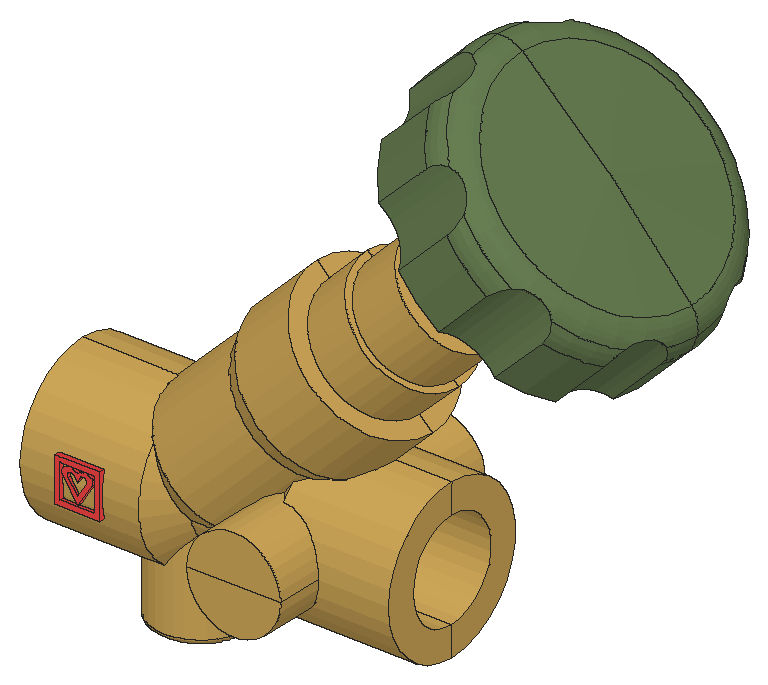
Revit family "Запорный клапан со встроенным обратным клапаном 4126", category Rohrzubehör, Revit 2019
Family settings
  Bemaßung runder Anschluss = Durchmesser verwenden
  Teiletyp = Unterbricht
  OmniClass-Nummer = 23.65.55.14
  OmniClass-Titel = Valves for Liquid Services
  Arbeitsebenenbasiert = Nein
  Immer vertikal = Ja
  Beim Laden mit Abzugskörper schneiden = Nein
  Gemeinsam genutzt = Nein
Parameters
  Шпиндель = "штампованная латунь, CW617N"  # constant formula
  Среда = "питьевая вода"  # constant formula
  Примечание = "В соответствии со статьей 33 Регламента REACH (Registration; Evaluation; Authorisation; Restriction of Chemicals) (EC № 1907/2006) мы обязаны указать, что свинец внесен в список SVHC (Substances of Very High Concern - вещества очень высокой важности) и весовой процент свинца во всех латунных компонентах заводского изготовления в наших изделиях, превышает 0,1 % (w/w) (CAS: 7439-92-1 / EINECS: 231-100-4).\r\nПоскольку свинец является легирующим компонентом сплава, прямое негативное влияние исключается, и поэтому дополнительной информации о безопасном использовании не требуется."
  Область применения = "Для перекрытия трубопроводов системы питьевого водоснабжения и циркуляционных систем в зданиях."
  Номер заказа [instance] = size_lookup("4126_", "Artnr", 0, Nennweite)  # 2412602
  Маховик = "пластик, цвет - зеленый"  # constant formula
  Макс. рабочее давление = 1600000.0 Pa  # constant formula
  Макс. рабочая температура = 80 °C  # constant formula
  Корпус = "литая латунь, устойчивая к селективной цинковой коррозии, CC770S"  # constant formula
  Давление открытия обратного клапана = "согласно DIN EN 13959"  # constant formula
  W01 = 45.00°  # constant formula
  URL = "www.herz-armaturen.ru"
  SW01 = 60.00°  # constant formula
  SC_NennweiteBerechnet = 0
  SC_Dimension = ""
  SCTWSEQ = "FW;SBT_TYP_FW=\"109\";2"
  SCTWCODE = "04;00;02"  # constant formula
  S03 = 60.000 mm  # constant formula
  S02 [instance] = L06 + L09 + L12 + L15  # 95.900 mm
  S01 [instance] = R01 * 2  # 32.000 mm
  R12 [instance] = R01 - 1.000 mm  # 15.000 mm
  R11 [instance] = size_lookup("4126_", "R11", 46.500 mm, Nennweite)  # 5.400 mm
  R100 = 1.000 mm  # constant formula
  R10 [instance] = size_lookup("4126_", "R10", 46.500 mm, Nennweite)  # 8.500 mm
  R09 [instance] = size_lookup("4126_", "R9", 46.500 mm, Nennweite)  # 11.750 mm
  R08 [instance] = size_lookup("4126_", "R8", 46.500 mm, Nennweite)  # 13.000 mm
  R07 [instance] = size_lookup("4126_", "R7", 46.500 mm, Nennweite)  # 16.500 mm
  R06 [instance] = size_lookup("4126_", "R6", 43.000 mm, Nennweite)  # 14.600 mm
  R05 [instance] = Nennweite / 2  # 10.000 mm
  R04 [instance] = size_lookup("4126_", "R4", 11.500 mm, Nennweite)  # 9.500 mm
  R03 = 9.500 mm  # constant formula
  R02 [instance] = Nennweite / 2  # 10.000 mm
  R01 [instance] = size_lookup("4126_", "R1", 11.500 mm, Nennweite)  # 16.000 mm
  Nennweite [instance] = 20.000 mm
  Макс. перепад давления на закрытом седле = 1000000.0 Pa  # constant formula
  L16 [instance] = L01 / 2  # 12.000 mm
  L15 [instance] = size_lookup("4126_", "L15", 12.400 mm, Nennweite)  # 12.400 mm
  L14 [instance] = size_lookup("4126_", "L14", 81.000 mm, Nennweite)  # 8.000 mm
  L12 [instance] = size_lookup("4126_", "L12", 81.000 mm, Nennweite)  # 33.500 mm
  L11 [instance] = size_lookup("4126_", "L11", 60.000 mm, Nennweite)  # 12.500 mm
  L10 [instance] = size_lookup("4126_", "L10", 20.000 mm, Nennweite)  # 11.000 mm
  L09 [instance] = size_lookup("4126_", "L9", 11.000 mm, Nennweite)  # 15.500 mm
  L08 [instance] = size_lookup("4126_", "L8", 35.000 mm, Nennweite)  # 30.100 mm
  L07 [instance] = size_lookup("4126_", "L7", 35.000 mm, Nennweite)  # 13.500 mm
  L06 [instance] = size_lookup("4126_", "L6", 118.000 mm, Nennweite) - L09  # 34.500 mm
  L05 [instance] = size_lookup("4126_", "L5", 44.000 mm, Nennweite)  # 26.500 mm
  L04 [instance] = size_lookup("4126_", "L4", 45.000 mm, Nennweite)  # 25.500 mm
  L03 = 15.000 mm  # constant formula
  L02 [instance] = size_lookup("4126_", "L2", 22.000 mm, Nennweite)  # 8.000 mm
  L01 [instance] = size_lookup("4126_", "L1", 48.000 mm, Nennweite)  # 24.000 mm
  L00 [instance] = size_lookup("4126_", "L", 180.000 mm, Nennweite)  # 75.000 mm
  Конус = "штампованная латунь, CW617N"  # constant formula
  Hersteller = "HERZ Armaturen Ges.m.b.H."  # constant formula
  H01 [instance] = size_lookup("4126_", "H1", 53.000 mm, Nennweite)  # 26.400 mm
  Незапланированные повышения температуры = "до  95 °C, продолжительностью не более 1 часа"  # constant formula
  DN50 [instance] = Nennweite = 50.000 mm  # no
  DN40 [instance] = Nennweite = 40.000 mm  # no
  DN32 [instance] = Nennweite = 32.000 mm  # no
  DN25-DN50 [instance] = or(Nennweite = 25.000 mm, Nennweite = 32.000 mm, Nennweite = 40.000 mm, Nennweite = 50.000 mm)  # no
  DN25 [instance] = Nennweite = 25.000 mm  # no
  DN20 [instance] = Nennweite = 20.000 mm  # yes
  DN15 [instance] = Nennweite = 15.000 mm  # no
Reference planes
  plane 1 "Mitte (Vorne/hinten)": y = 0
  plane 2: z = 0
  plane 3 "Mitte (Links/rechts)": x = 0
Forms (mm)
  Revolve 1, solid, material "Messing, weicher Gelbton, geschweißt", detail levels fine
    sketch origin (470, 0, 0) x (1, 0, 0) y (0, 0, 1)
      loop
        line (-507.5, 10) -> (-492.5, 10) -> (-492.5, 0) -> (-447.5, 0) -> (-447.5, 10) -> (-432.5, 10) -> (-432.5, 16) -> (-456.5, 16) -> (-462, 10) -> (-478, 10) -> (-483.5, 16) -> (-507.5, 16) -> (-507.5, 10)
      axis (-507.5, 0) -> (-432.5, 0)
    angle from 0 to 360
  Revolve 2, solid, material "Messing, weicher Gelbton, geschweißt", detail levels fine
    sketch origin (470, 0, 0) x (1, 0, 0) y (0, 0, 1)
      loop
        line (-493, 0) -> (-493, -25.4)
        arc (-493, -25.4) -> (-492.707, -26.107) -> (-492, -26.4) r 1
        line (-492, -26.4) -> (-483.5, -26.4) -> (-483.5, 0) -> (-493, 0)
      axis (-483.5, 0) -> (-483.5, -26.4)
    angle from 0 to 360
  Revolve 3, solid, material "Messing, weicher Gelbton, geschweißt", detail levels fine
    sketch origin (0, 0, 0) x (1, 0, 0) y (0, 1, 0)
      loop
        line (13.5, -25.5) -> (23, -25.5) -> (23, 26.5) -> (13.5, 26.5) -> (13.5, -25.5)
      axis (13.5, -25.5) -> (13.5, 26.5)
    angle from 0 to 360
  Revolve 4, solid, material "Messing, weicher Gelbton, geschweißt", visible <- "DN25-DN50", detail levels fine
    sketch origin (-470, 0, 0) x (-1, 0, 0) y (0, 0, 1)
      loop
        line (-493, 0) -> (-493, -25.4)
        arc (-493, -25.4) -> (-492.707, -26.107) -> (-492, -26.4) r 1
        line (-492, -26.4) -> (-483.5, -26.4) -> (-483.5, 0) -> (-493, 0)
      axis (-483.5, 0) -> (-483.5, -26.4)
    angle from 0 to 360
  Revolve 5, solid, material "Messing, weicher Gelbton, geschweißt", detail levels fine
    sketch origin (0.32, 0, -0.105) x (1, 0, 0) y (0, 0, 1)
      loop
        line (-13.82, 0) -> (53.991, 67.812) -> (50.173, 71.63) -> (41.405, 62.862) -> (39.213, 65.054) -> (32.142, 57.983) -> (29.844, 60.281) -> (21.005, 51.442) -> (20.121, 52.326) -> (12.343, 44.548) -> (9.868, 47.023) -> (-1.092, 36.062) -> (-2.86, 31.608) -> (-18.487, 15.981) -> (-20.891, 7.071) -> (-13.82, 0)
      axis (-13.82, 0) -> (53.991, 67.812)
    angle from 0 to 360
Lines and regions (mm)
  model lines, detail levels coarse+medium
    curve 1: line (-37.5, 0, 16) -> (-37.5, 0, -16)
    curve 2: line (-37.5, 0, -16) -> (37.5, 0, 16)
    curve 3: line (37.5, 0, 16) -> (37.5, 0, -16)
    curve 4: line (37.5, 0, -16) -> (-37.5, 0, 16)
    curve 5: line (0, 0, 0) -> (47.95, 0, 83.052)
    curve 6: line (21.969, 0, 98.052) -> (73.931, 0, 68.052)
    curve 7: line (-37.5, -16, 0) -> (-37.5, 16, 0)
    curve 8: line (-37.5, 16, 0) -> (37.5, -16, 0)
    curve 9: line (37.5, -16, 0) -> (37.5, 16, 0)
    curve 10: line (37.5, 16, 0) -> (-37.5, -16, 0)
    curve 11: line (0, 0, 0) -> (47.95, 83.052, 0)
    curve 12: line (21.969, 98.052, 0) -> (73.931, 68.052, 0)
Dimensions and locks
  "H01": plane 2 to Revolve 2 sketch curve
  "L00": Revolve 1 sketch curve to Revolve 1 sketch curve
  equal spacing: Revolve 1 sketch curve, plane 3 "Mitte (Links/rechts)", Revolve 1 sketch curve
  "R01": Revolve 1 sketch curve to Revolve 1 sketch curve  (x2)
  "R02": Revolve 1 sketch curve to Revolve 1 sketch curve  (x3)
  "L01": Revolve 1 sketch curve to Revolve 1 sketch curve  (x2)
  "L02": plane 3 "Mitte (Links/rechts)" to Revolve 1 sketch curve
  "L02": Revolve 1 sketch curve to plane 3 "Mitte (Links/rechts)"
  "L03": Revolve 1 sketch curve to Revolve 1 sketch curve  (x2)
  "L01": Revolve 1 to Revolve 2 sketch curve
  "R03": Revolve 2 sketch curve to Revolve 2 sketch curve
  "L01": Revolve 4 sketch curve to Revolve 1
  "R03": Revolve 4 sketch curve to Revolve 4 sketch curve
  "H01": plane 2 to Revolve 4 sketch curve
  "L04": Revolve 3 sketch curve to plane 1 "Mitte (Vorne/hinten)"
  "L05": plane 1 "Mitte (Vorne/hinten)" to Revolve 3 sketch curve
  "R04": Revolve 3 sketch curve to Revolve 3 sketch curve
  "L01": Revolve 3 sketch curve to Revolve 1
  "R07": Revolve 5 sketch curve to Revolve 5 sketch curve
  "L07": plane 3 "Mitte (Links/rechts)" to Revolve 5 sketch curve
  "R05": Revolve 5 sketch curve to Revolve 5 sketch curve
  "L06": Revolve 5 sketch curve to Revolve 5 sketch curve
  "L08": Revolve 5 sketch curve to Revolve 5 sketch curve
  "R06": Revolve 5 sketch curve to Revolve 5 sketch curve
  "L14": Revolve 5 sketch curve to Revolve 5 sketch curve
  "L09": Revolve 5 sketch curve to Revolve 5 sketch curve
  "R08": Revolve 5 sketch curve to Revolve 5 sketch curve
  "L10": Revolve 5 sketch curve to Revolve 5 sketch curve
  "R09": Revolve 5 sketch curve to Revolve 5 sketch curve
  "R10": Revolve 5 sketch curve to Revolve 5 sketch curve
  "L12": Revolve 5 sketch curve to Revolve 5 sketch curve
  "R11": Revolve 5 sketch curve to Revolve 5 sketch curve
  "L15": Revolve 5 sketch curve to Revolve 5 sketch curve
  "L11": Revolve 5 sketch curve to Revolve 5 sketch curve
  "R12": nested 7 to plane 1 "Mitte (Vorne/hinten)"
  "L16": Revolve 1 to nested 7
  "L00": curve 1 to curve 3
  "S01": curve 4 to curve 2
  "S01": curve 3 to curve 4
  equal spacing: curve 4, plane 2, curve 2
  equal spacing: curve 3, plane 2, curve 4
  "S02": curve 5 to curve 5
  equal spacing: curve 6, curve 5, curve 6
  "S03": curve 6 to curve 6
  "L00": curve 7 to curve 9
  "S01": curve 10 to curve 8
  curve 9 to curve 10 = 32.000 mm
  equal spacing: curve 12, curve 11, curve 12
  "S03": curve 12 to curve 12
  "S02": curve 11 to curve 11
  equal spacing: curve 10, plane 1 "Mitte (Vorne/hinten)", curve 8
  equal spacing: curve 9, plane 1 "Mitte (Vorne/hinten)", curve 10
  equal spacing: curve 7, plane 3 "Mitte (Links/rechts)", curve 9
  equal spacing: Revolve 1, curve 5, Revolve 1
  equal spacing: curve 7, curve 11, Revolve 1
  equal spacing: curve 1, plane 3 "Mitte (Links/rechts)", curve 3
  "R100": radius of Revolve 2 sketch curve
  "R100": radius of Revolve 4 sketch curve
  "W01": angle plane 2 to Revolve 5 sketch curve
  "W01": angle level to Revolve 5 sketch curve
  "SW01": angle plane 2 to curve 5
  "SW01": angle plane 1 "Mitte (Vorne/hinten)" to curve 11
  aligned and locked: level to plane 2
Automatic sketch dimensions
  curve 5 to level = 0.000 mm
  plane 1 "Mitte (Vorne/hinten)" to curve 11 = 0.000 mm
  Revolve 1 sketch curve to level = 0.000 mm  (x2)
  Revolve 1 sketch curve to Revolve 1 sketch curve = 791.990 mm
  Revolve 1 sketch curve to Revolve 1 sketch curve = 2278.983 mm
  Revolve 2 sketch curve to level = 0.000 mm  (x2)
  Revolve 2 sketch curve to Revolve 2 sketch curve = 0.000 mm
  Revolve 2 sketch curve to Revolve 2 sketch curve = 0.292 mm
  Revolve 3 sketch curve to Revolve 3 sketch curve = 0.000 mm  (x3)
  Revolve 4 sketch curve to level = 0.000 mm  (x2)
  Revolve 4 sketch curve to Revolve 4 sketch curve = 0.000 mm
  Revolve 4 sketch curve to Revolve 4 sketch curve = 0.292 mm
  Revolve 5 sketch curve to level = 0.105 mm
  Revolve 5 sketch curve to Revolve 5 sketch curve = 0.000 mm  (x2)
Nested families
  nested 1: "Strömax-Handrad_Schrägsitz (Grün)" at (42.584, 0, 54.979), visible <- "DN15", type "Strömax-Handrad_Schrägsitz (Grün)", detail levels fine
    with Nennweite 0.000 mm, Gewicht 0.00 kg, Bestellnummer 0
  nested 2: "Strömax-Handrad_Schrägsitz (Grün)" at (54.312, 0, 67.707), visible <- "DN20", type "Strömax-Handrad_Schrägsitz (Grün)", detail levels fine
    with Nennweite 0.000 mm, Gewicht 0.00 kg, Bestellnummer 0
  nested 3: "Strömax-Handrad_Schrägsitz (Grün)" at (62.469, 0, 80.364), visible <- "DN25", type "Strömax-Handrad_Schrägsitz (Grün)", detail levels fine
    with Nennweite 0.000 mm, Gewicht 0.00 kg, Bestellnummer 0
  nested 4: "Strömax-Handrad_Schrägsitz (Grün)" at (71.712, 0, 91.607), visible <- "DN32", type "Strömax-Handrad_Schrägsitz (Grün)", detail levels fine
    with Nennweite 0.000 mm, Gewicht 0.00 kg, Bestellnummer 0
  nested 5: "Strömax-Handrad_Schrägsitz (Grün)" at (80.399, 0, 101.294), visible <- "DN40", type "Strömax-Handrad_Schrägsitz (Grün)", detail levels fine
    with Nennweite 0.000 mm, Gewicht 0.00 kg, Bestellnummer 0
  nested 6: "Strömax-Handrad_Schrägsitz (Grün)" at (97.83, 0, 129.225), visible <- "DN50", type "Strömax-Handrad_Schrägsitz (Grün)", detail levels fine
    with Nennweite 0.000 mm, Gewicht 0.00 kg, Bestellnummer 0
  nested 7: "Herz-Logo-vorne" at (-25.5, -15.732, 0) x (0, 1, 0) z (0, 0, 1), type "Herz-Logo-vorne", detail levels fine
Connectors
  piping at (-22.5, 0, 0), diameter 20, driven by "Nennweite"
    settings: on Revolve 1, index 1, connector inside diameter 609.6 mm, connector length 0.000 mm, flow factor 0, pipe flow 0.0 L/s, pressure drop 0.0 Pa, fitting loss kfactor 0, connector angle 0.00°, fixture units 0, engagement length 0.000 mm, angle of deflection 0.00°, flow configuration 0, flow direction 1, fitting loss method 0, system type 29, joint type 0, gender type 0, connector reference index -1, connector utility 0, adjustable connector no, is connector primary yes, connector description ""
  piping at (22.5, 0, 0), diameter 20, driven by "Nennweite"
    settings: on Revolve 1, index 2, connector inside diameter 609.6 mm, connector length 0.000 mm, flow factor 0, pipe flow 0.0 L/s, pressure drop 0.0 Pa, fitting loss kfactor 0, connector angle 0.00°, fixture units 0, engagement length 0.000 mm, angle of deflection 0.00°, flow configuration 0, flow direction 2, fitting loss method 0, system type 29, joint type 0, gender type 0, connector reference index -1, connector utility 0, adjustable connector no, is connector primary no, connector description ""
Definition of nested family "Strömax-Handrad_Schrägsitz (Grün)"
  Parameters (values of type "Strömax-Handrad_Schrägsitz (Grün)")
    URL = "www.herz-armaturen.at"
    Nennweite [instance] = 0.000 mm
    Manufacturer = "Herz Armaturen GmbH"  # constant formula
    Gewicht [instance] = 0.00 kg
    Bestellnummer [instance] = 0
  Reference planes
    plane 1 "Mitte (Vorne/hinten)": y = 0
    plane 2: z = 0
    plane 3 "Mitte (Links/rechts)": x = 0
  Forms (mm)
    Revolve 1, solid
      sketch origin (0, 0, 0) x (0.707107, 0, -0.707107) y (0.707107, 0, 0.707107)
        loop
          line (0, 0) -> (0, 22)
          arc (0, 22) -> (-12.15, 21.705) -> (-24.271, 20.819) r 250
          arc (-24.271, 20.819) -> (-26.831, 19.959) -> (-28.754, 18.063) r 6
          arc (-28.754, 18.063) -> (-29.682, 16.008) -> (-30, 13.776) r 8
          line (-30, 13.776) -> (-30, 0) -> (0, 0)
        axis (0, 22) -> (0, 0)
      angle from 0 to 360
    Extrusion 2, void
      sketch origin (0, 0, 0) x (0.707107, 0, -0.707107) y (0, 1, 0)
        loop
          circle (14.351, -34.645) r 10
      from 0 to 22
    Extrusion 3, void
      sketch origin (0, 0, 0) x (-0.707107, 0, 0.707107) y (0, -1, 0)
        loop
          circle (14.351, 34.645) r 10
      from 0 to 22
    Extrusion 4, void
      sketch origin (0, 0, 0) x (0, -1, 0) y (0.707107, 0, -0.707107)
        loop
          circle (14.351, 34.645) r 10
      from 0 to 22
    Extrusion 5, void
      sketch origin (0, 0, 0) x (0, 1, 0) y (-0.707107, 0, 0.707107)
        loop
          circle (14.351, -34.645) r 10
      from 0 to 22
    Extrusion 6, void
      sketch origin (0, 0, 0) x (0, -1, 0) y (0.707107, 0, -0.707107)
        loop
          circle (14.351, -34.645) r 10
      from 0 to 22
    Extrusion 7, void
      sketch origin (0, 0, 0) x (0, 1, 0) y (-0.707107, 0, 0.707107)
        loop
          circle (14.351, 34.645) r 10
      from 0 to 22
    Extrusion 8, void
      sketch origin (0, 0, 0) x (0.707107, 0, -0.707107) y (0, 1, 0)
        loop
          circle (14.351, 34.645) r 10
      from 0 to 22
    Extrusion 9, void
      sketch origin (0, 0, 0) x (-0.707107, 0, 0.707107) y (0, -1, 0)
        loop
          circle (14.351, -34.645) r 10
      from 0 to 22
  Cuts and joins
    Extrusion 2, Extrusion 3, Extrusion 4, Extrusion 5, Extrusion 6, Extrusion 7, Extrusion 8, Extrusion 9 cuts Revolve 1
  Dimensions and locks
    aligned and locked: level to plane 2
Definition of nested family "Herz-Logo-vorne"
  Reference planes
    plane 1 "Mitte (Vorne/hinten)": y = 0
    plane 2: z = 0
    plane 3 "Mitte (Links/rechts)": x = 0
  Forms (mm)
    Extrusion 1, solid
      sketch origin (0.732, -0.018, 0.017) x (0, -1, 0) y (0, 0, 1)
        loop
          line (-0.018, -4.517) -> (4.482, -4.517) -> (4.482, 4.483) -> (-4.518, 4.483) -> (-4.518, -4.517) -> (-0.018, -4.517)
        loop
          line (-0.05, -3.48) -> (3.482, -3.48) -> (3.482, 3.483) -> (-3.518, 3.483) -> (-3.518, -3.48) -> (-0.05, -3.48)
        loop
          arc (-0.018, 2.383) -> (-1.543, 3.287) -> (-3.067, 2.383) r 1.738
          arc (-3.067, 2.383) -> (-3.191, 1.899) -> (-3.067, 1.415) r 1.009
          line (-3.067, 1.415) -> (-0.018, -3.281) -> (3.032, 1.415)
          arc (3.032, 1.415) -> (3.156, 1.899) -> (3.032, 2.383) r 1.009
          arc (3.032, 2.383) -> (1.507, 3.287) -> (-0.018, 2.383) r 1.738
        loop
          arc (1.885, 1.272) -> (2.005, 1.675) -> (1.885, 2.079) r 0.74
          arc (1.885, 2.079) -> (1.265, 2.416) -> (0.644, 2.079) r 0.74
          line (0.644, 2.079) -> (-0.018, 0.97) -> (-0.679, 2.079)
          arc (-0.679, 2.079) -> (-1.3, 2.416) -> (-1.921, 2.079) r 0.74
          arc (-1.921, 2.079) -> (-2.04, 1.675) -> (-1.921, 1.272) r 0.74
          line (-1.921, 1.272) -> (-0.018, -1.658) -> (1.885, 1.272)
      from 0 to 1.5
  Dimensions and locks
    aligned and locked: level to plane 2
